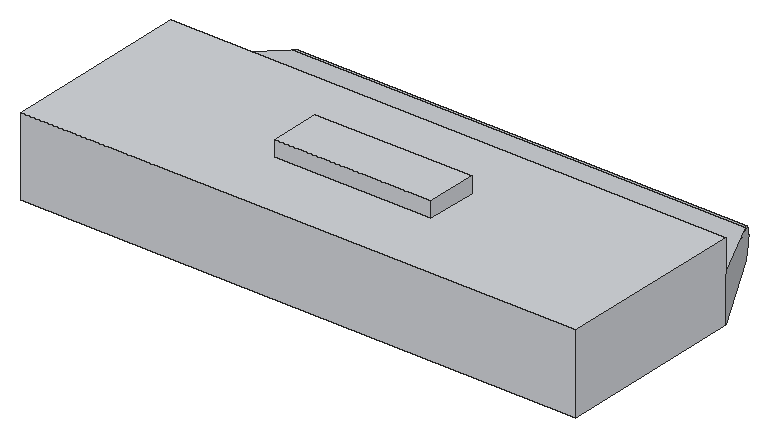
Revit family "M_Coifa - Dutos retangulares acima", category Terminais de ar, Revit 2019
Family settings
  Cota do conector redondo = Utilizar diâmetro
  Tipo de parte = Normal
  Número OmniClass = 23.40.40.14.21.11
  Título OmniClass = Food Service Hoods
  ID de item do Seek = Range Hood - Top Rectangular Ducted-0000-CAN-ENU
  Com base no plano de trabalho = Não
  Sempre na vertical = Sim
  Corte com vazios quando carregada = Não
  Compartilhado = Não
  Ponto de cálculo do ambiente = Não
Parameters (values of type "900 mmx300 mm")
  Voltagem = 120 V
  Queda de pressão [instance] = 100.0 Pa
  Número de pólos = 1
  Classificação de carga = Refrigeração
  Material da coifa = none
  Comprimento da coifa = 900 mm
  Comprimento de meia coifa = 0.5 * Comprimento da coifa  # 450 mm
  C2 Deslocamento 2 = 282.6 mm
  C2 Deslocamento 1 = 144.5 mm
  Carga aparente = 252 VA
  Fluxo de ar [instance] = 85.0 L/s
Types (4, lengths in mm): name | Queda de pressão | Comprimento da coifa | Comprimento de meia coifa
  (no name) | 100.0 Pa | 900 | 450
  600 mmx300 mm | 50.0 Pa | 600 | 300
  750 mmx300 mm | 50.0 Pa | 750 | 375
  900 mmx300 mm | 100.0 Pa | 900 | 450
Reference planes
  plane 1 "Centro (Frente/Trás)": y = 0
  plane 2: z = 0
  plane 3 "Centro (Esquerda/Direita)": x = 0
  plane 4: x = -450
  plane 5: x = 450
  plane 6: y = 152.4
  plane 7: y = -152.4
  plane 8: z = 127
  plane 9: y = 290.512
  plane 10: y = 302.419
  plane 11: z = 25.4
  plane 12: z = 76.2
  plane 13: z = 152.4
  plane 14: y = 41.275
  plane 15: y = -41.275
  plane 16: x = -127
  plane 17: x = 127
  plane 18: y = 327.819
Forms (mm)
  Extrusion 1, solid
    sketch origin (0, 0, 0) x (0, 1, 0) y (0, 0, 1)
      loop
        line (152.4, 127) -> (-152.4, 127) -> (-152.4, 0) -> (152.4, 0) -> (152.4, 127)
    from -450 to 450
  Extrusion 2, solid
    sketch origin (0, 0, 0) x (0, 1, 0) y (0, 0, 1)
      loop
        line (152.4, 0) -> (290.512, 0)
        arc (290.512, 0) -> (315.811, 23.13) -> (295.035, 50.394) r 25.4
        line (295.035, 50.394) -> (152.4, 76.2) -> (152.4, 0)
    from -450 to 450
  Extrusion 3, solid
    sketch origin (0, 0, 0) x (1, 0, 0) y (0, 1, 0)
      loop
        line (-127, 41.275) -> (-127, -41.275) -> (127, -41.275) -> (127, 41.275) -> (-127, 41.275)
    from 127 to 152.4
  Extrusion 4, void
    sketch origin (0, 0, 0) x (1, 0, 0) y (0, 1, 0)
      loop
        line (-450, 152.4) -> (-348.722, 327.819) -> (-450, 327.819) -> (-450, 152.4)
      loop
        line (450, 152.4) -> (450, 327.819) -> (348.722, 327.819) -> (450, 152.4)
    from 0 to 76.2
Cuts and joins
  Extrusion 4 cuts Extrusion 1
  Extrusion 4 cuts Extrusion 2
Dimensions and locks
  "Comprimento de meia coifa": plane 4 to plane 3 "Centro (Esquerda/Direita)"
  "Comprimento de meia coifa": plane 3 "Centro (Esquerda/Direita)" to plane 5
  locked: plane 6 to plane 1 "Centro (Frente/Trás)" at 152.4
  locked: plane 1 "Centro (Frente/Trás)" to plane 7 at 152.4
  locked: plane 8 to plane 2 at 127
  locked: plane 9 to plane 6 at 138.113
  locked: plane 10 to plane 9 at 11.906
  locked: plane 11 to plane 2 at 25.4
  locked: plane 12 to plane 2 at 76.2
  locked: plane 13 to plane 8 at 25.4
  locked: plane 14 to plane 1 "Centro (Frente/Trás)" at 41.275
  locked: plane 15 to plane 1 "Centro (Frente/Trás)" at 41.275
  locked: plane 16 to plane 3 "Centro (Esquerda/Direita)" at 127
  locked: plane 3 "Centro (Esquerda/Direita)" to plane 17 at 127
  "C2 Deslocamento 1": connector elem to plane 4
  "C2 Deslocamento 2": connector elem to Extrusion 2
  locked: plane 18 to plane 10 at 25.4
  radius of Extrusion 2 sketch curve = 25.4 mm
  locked: Extrusion 4 sketch curve to Extrusion 2 (angle 30.00°)
  locked: Extrusion 2 to Extrusion 4 sketch curve (angle 30.00°)
  aligned and locked: plane 6 to Extrusion 1 sketch curve
  aligned and locked: plane 8 to Extrusion 1 sketch curve
  aligned and locked: plane 2 to Extrusion 1 sketch curve
  aligned and locked: Extrusion 1 sketch curve to plane 7
  aligned and locked: Extrusion 1 to plane 4
  aligned and locked: plane 5 to Extrusion 1
  aligned and locked: plane 2 to Extrusion 2 sketch curve
  aligned and locked: plane 6 to Extrusion 2 sketch curve
  aligned and locked: plane 9 to Extrusion 2 sketch curve  (x2)
  aligned and locked: plane 11 to Extrusion 2 sketch curve
  aligned and locked: Extrusion 2 sketch curve to plane 6
  aligned and locked: plane 12 to Extrusion 2 sketch curve
  aligned and locked: Extrusion 2 to plane 4
  aligned and locked: plane 5 to Extrusion 2
  aligned and locked: plane 16 to Extrusion 3 sketch curve
  aligned and locked: Extrusion 3 sketch curve to plane 14
  aligned and locked: plane 15 to Extrusion 3 sketch curve
  aligned and locked: plane 17 to Extrusion 3 sketch curve
  aligned and locked: Extrusion 3 to plane 8
  aligned and locked: plane 13 to Extrusion 3
  aligned and locked: Extrusion 4 sketch curve to plane 18
  aligned and locked: plane 6 to Extrusion 4 sketch curve  (x2)
  aligned and locked: plane 4 to Extrusion 4 sketch curve
  aligned and locked: plane 5 to Extrusion 4 sketch curve
  aligned and locked: plane 18 to Extrusion 4 sketch curve
  aligned and locked: Extrusion 4 to plane 2
  aligned and locked: plane 12 to Extrusion 4
Automatic sketch dimensions
  Extrusion 2 sketch curve to plane 9 = 4.522 mm
  Extrusion 2 sketch curve to Extrusion 2 sketch curve = 0 mm
Connectors
  hvac at (0, 0, 152.4), driven by "Fluxo de ar", driven by "Queda de pressão"
    settings: on Extrusion 3, index 1, duct flow 85.0 L/s, flow factor 0, pres drop 100.0 Pa, loss coef 0, conn angle 0.00°, conn width 254 mm, conn height 82.55 mm, conn diameter 609.6 mm, duct sys type 3, conn prof type 1, flow config 1, flow direction 2, loss method 4, conn ref index -1, conn util no, is conn primary yes, conn desc ""
  electrical at (-305.5, -130.2, 127), driven by "Carga aparente", driven by "Voltagem", driven by "Número de pólos", driven by "Classificação de carga"
    settings: on plane 8, index 2, voltage 120 V, apparent load 252 VA, apparent load phase1 0 VA, apparent load phase2 0 VA, apparent load phase3 0 VA, power factor 0.8, load classification "Refrigeração", number of poles 1, system type 30, power factor state 1, is connector primary yes, connector utility no, sub classification motor no, connector description ""
